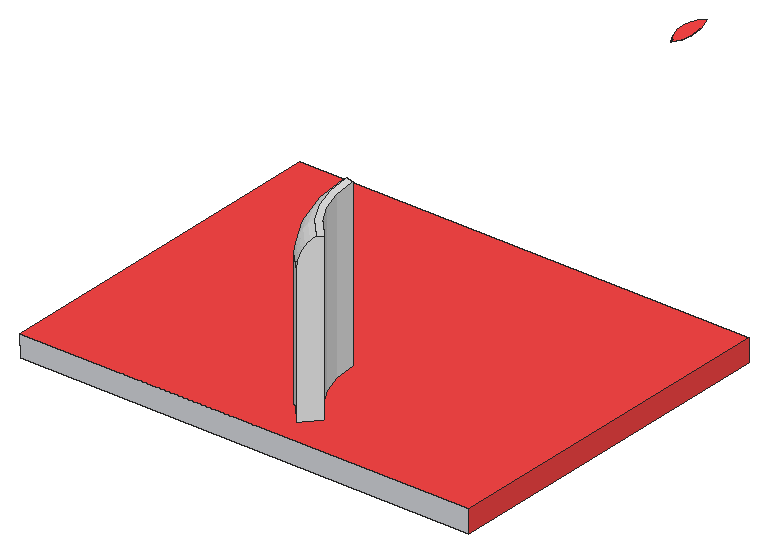
Revit family "PRESTO ARTE-L PN(C)", category Aparatos sanitarios, Revit 2015
Parameters (values of type "66501")
  URL = "http://www.prestoiberica.com/lavabo/temporizada-arte/presto-arte-l?c=es"
  Teléfono = "(+34) 915 782 575"
  TIPO DE AGUA = "Caliente"
  REFERENCIA = "66501"
  Presión Máxima = ""
  PESO BRUTO = "0.596 Kg"
  Modelo = "PRESTO ARTE L"
  Material = LATON CROMADO
  Imagen de tipo = <Ninguno>
  Fabricante = "PRESTO IBÉRICA"
  Default Elevation = 1219.2 mm
  ENTRADA = "Macho 1/2\""
  Descripción = "Grifo temporizado de un agua para instalación mural con cuerpo de latón cromado."
  Código de montaje = "C1030220"
  Contacto = "info@prestoiberica.com"
  Conexión AF = yes
  Conexión AC = yes
  Comentarios de tipo = "Cuerpo y pulsador en latón cromado, piezas interiores en materiales resistentes a la corrosión y a las incrustaciones calcáreas"
  CIERRE = "Automático en 15 seg."
  CAUDAL = "6 L/Min"
  Accionamiento = "Por pulsador"
Reference planes
  plane 1 "Centro (Frontal/Posterior)": y = 0
  plane 2: z = 0
  plane 3 "Centro (Izquierda/Derecha)": x = 0
Forms (mm)
  Extrusion 1, solid
    sketch origin (0, 0, 0) x (1, 0, 0) y (0, 1, 0)
      loop
        line (-71.96, 51.374) -> (-71.96, -27.846) -> (29.59, -27.846) -> (29.59, 51.374) -> (-71.96, 51.374)
    from 0 to -5
  Sweep 2, solid, material "LATON CROMADO"
    path in 3D
      loop
        spline (-24, 0, 0) -> (-23.926, -2.1, 0) -> (-23.706, -4.191, 0) -> (-23.339, -6.262, 0) -> (-22.828, -8.302, 0) -> (-22.175, -10.303, 0) -> (-21.384, -12.252, 0) -> (-20.458, -14.142, 0) -> (-19.401, -15.962, 0) -> (-18.22, -17.704, 0) -> (-16.918, -19.359, 0) -> (-15.503, -20.919, 0) -> (-13.983, -22.376, 0)
    profile origin (-21.384, -12.252, 0) x (-0.912809, -0.408386, 0) y (0, 0, -1)
      loop
        line (-0.159, 0.116) -> (-5.159, 0.116) -> (-5.159, -37.107) -> (-3.807, -37.469)
        arc (-3.807, -37.469) -> (-1.129, -34.566) -> (-0.159, -30.737) r 8.035
        line (-0.159, -30.737) -> (-0.159, 0.116)
  Extrusion 3, solid, material "AGUA CALIENTE"
    sketch origin (43.572, 0, 103.938) x (0.821738, 0, -0.569865) y (0, 1, 0)
      loop
        arc (16.623, -5.119) -> (17.59, -0.121) -> (16.647, 4.881) r 13.574
        arc (16.647, 4.881) -> (15.103, -0.115) -> (16.623, -5.119) r 8.924
    from 0 to 0.2
Lines and regions (mm)
  sketch lines
    curve 1: spline (-24, 0, 0) -> (-23.926, -2.1, 0) -> (-23.706, -4.191, 0) -> (-23.339, -6.262, 0) -> (-22.828, -8.302, 0) -> (-22.175, -10.303, 0) -> (-21.384, -12.252, 0) -> (-20.458, -14.142, 0) -> (-19.401, -15.962, 0) -> (-18.22, -17.704, 0) -> (-16.918, -19.359, 0) -> (-15.503, -20.919, 0) -> (-13.983, -22.376, 0)
Dimensions and locks
  Extrusion 1 sketch curve to plane 1 "Centro (Frontal/Posterior)" = 27.846 mm
  aligned and locked: plane 2 to Extrusion 1
  aligned and locked: level to Extrusion 1
Connectors
  piping at (0, 0, -50), diameter 12.7
    settings: on import instance, index 1, connector inside diameter 609.6 mm, connector length 0 mm, flow factor 0, pipe flow 0.0 L/s, pressure drop 0.0 Pa, fitting loss kfactor 0, connector angle 0.00°, fixture units 0, engagement length 0 mm, angle of deflection 0.00°, flow configuration 0, flow direction 1, fitting loss method 0, system type 19, joint type 0, gender type 0, connector reference index -1, connector utility 0, adjustable connector no, is connector primary yes, connector description ""
